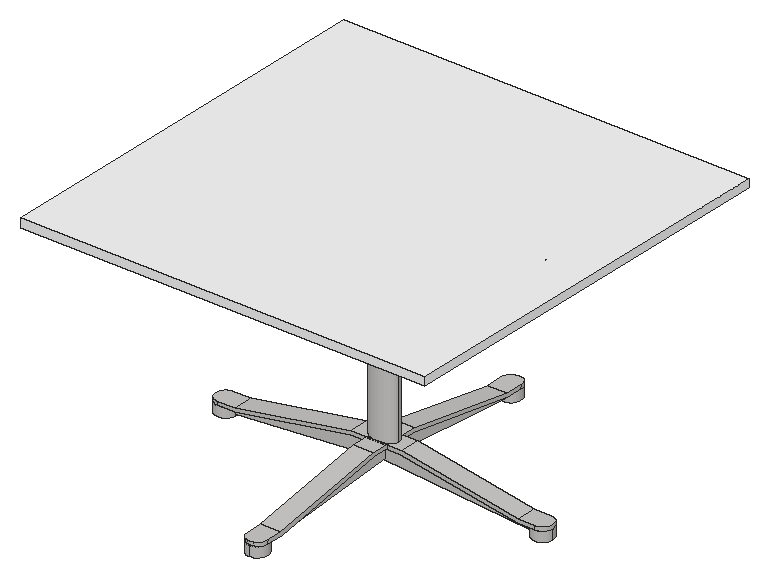
Revit family "Furniture_Table_Spacestor_Breve Breakout Table", category Furniture, Revit 2015
Parameters (values of type "standard height square - 1200w x 1200d x 732h")
  Width = 1200 mm
  WarrantyStartDate = ""
  WarrantyDescription = ""
  URL = "http://spacestor.uk.com/"
  Table Top Finish = Spacestor White Table Top
  Square = yes
  SerialNumber = ""
  ModelNumber = ""
  Model = ""
  Manufacturer = "Spacestor"
  Length = 3000 mm
  Legs Finish = Spacestor Polished Steel
  Leg Height = Height - 175 mm  # 557 mm
  Height = 732 mm
  Fabric Finish = none
  ExpectedLife = ""
  Description = ""
  Circular = no
  Category = ""
  BarCode = ""
  Author = "http://www.YourCad.co.uk"
  AssetType = ""
  AssetIdentifier = ""
  Assembly Code = "E2020200"
Types (14, lengths in mm): name | Width | Square | Leg Height | Height | Circular
  (no name) | 1200 | yes | 557 | 732 | no
  coffee height circular - 1000 DIA x 485h | 1000 | no | 310 | 485 | yes
  standard height circular - 1000 DIA x 732h | 1000 | no | 557 | 732 | yes
  standard height square - 1000w x 1000d x 732h | 1000 | yes | 557 | 732 | no
  coffee height circular - 1100 DIA x 485h | 1100 | no | 310 | 485 | yes
  coffee height circular - 900 DIA x 485h | 900 | no | 310 | 485 | yes
  coffee height square - 1000w x 1000d x 485h | 1000 | yes | 310 | 485 | no
  coffee height square - 1100w x 1100d x 485h | 1100 | yes | 310 | 485 | no
  coffee height square - 900w x 900d x 485h | 900 | yes | 310 | 485 | no
  standard height circular - 1100 DIA x 732h | 1100 | no | 557 | 732 | yes
  standard height circular - 1200 DIA x 732h | 1200 | no | 557 | 732 | yes
  standard height circular - 1400 DIA x 732h | 1400 | no | 557 | 732 | yes
  standard height square - 1100w x 1100d x 732h | 1100 | yes | 557 | 732 | no
  standard height square - 1200w x 1200d x 732h | 1200 | yes | 557 | 732 | no
Reference planes
  plane 1 "Center (Front/Back)": y = 0
  plane 2: z = 0
  plane 3 "Center (Left/Right)": x = 0
  plane 4: z = 557
Forms (mm)
  Extrusion 1, solid, material "Spacestor White Table Top" <- "Table Top Finish", visible <- "Circular"
    sketch origin (181.762, -50, 707) x (0, 1, 0) y (-1, 0, 0)
      loop
        circle (50, 181.762) r 600
    from 0 to 25
  Extrusion 2, solid, material "Spacestor White Table Top" <- "Table Top Finish", visible <- "Square"
    sketch origin (181.762, -50, 732) x (0, 1, 0) y (-1, 0, 0)
      loop
        line (650, 781.762) -> (-550, 781.762) -> (-550, -418.238) -> (650, -418.238) -> (650, 781.762)
    from 0 to -25
Dimensions and locks
  "Leg Height": plane 4 to plane 2
  locked: Extrusion 1 sketch curve to plane 3 "Center (Left/Right)"
  locked: plane 1 "Center (Front/Back)" to Extrusion 1 sketch curve
  equal spacing: Extrusion 2 sketch curve, plane 1 "Center (Front/Back)", Extrusion 2 sketch curve
  equal spacing: Extrusion 2 sketch curve, plane 3 "Center (Left/Right)", Extrusion 2 sketch curve
  "Width": Extrusion 2 sketch curve to Extrusion 2 sketch curve  (x2)
  "Width": diameter of Extrusion 1 sketch curve
  aligned and locked: level to plane 2
  aligned and locked: plane 3 "Center (Left/Right)" to nested 1
  aligned and locked: plane 1 "Center (Front/Back)" to nested 1
Nested families
  nested 1: "Furniture_Table_Spacestor_Breve Breakout Leg 1000" at (0, 0, 0), type "Furniture_Table_Spacestor_Breve Breakout Leg 1000"
    with Height 557 mm
Definition of nested family "Furniture_Table_Spacestor_Breve Breakout Leg 1000"
  Parameters (values of type "Furniture_Table_Spacestor_Breve Breakout Leg 1000")
    Width = 1200 mm
    WarrantyStartDate = ""
    WarrantyDescription = ""
    URL = "http://spacestor.uk.com/"
    Table Top Finish = none
    SerialNumber = ""
    ModelNumber = ""
    Model = ""
    Manufacturer = "Spacestor"
    Length = 3000 mm
    Legs Finish = none
    Height = 310 mm
    Fabric Finish = none
    ExpectedLife = ""
    Description = ""
    Category = ""
    BarCode = ""
    Author = "http://www.YourCad.co.uk"
    AssetType = ""
    AssetIdentifier = ""
    Assembly Code = "E2020200"
    600 Wide Leg = yes
    1000 Wide Leg = yes
  Reference planes
    plane 1 "Center (Front/Back)": y = 0
    plane 2: z = 0
    plane 3 "Center (Left/Right)": x = 0
    plane 4: z = 410
  Forms (mm)
    Extrusion 1, solid, material <- "Legs Finish", visible <- "1000 Wide Leg"
      sketch origin (-1200, 0, 0) x (1, 0, 0) y (0, 0, 1)
        loop
          line (700, 30) -> (780.863, 30) -> (1125.863, 90) -> (1274.137, 90) -> (1619.137, 30) -> (1700, 30) -> (1700, 40) -> (1620, 40) -> (1275, 100) -> (1125, 100) -> (780, 40) -> (700, 40) -> (700, 30)
      from -30 to 30
    Extrusion 2, solid, material <- "Legs Finish", visible <- "1000 Wide Leg"
      sketch origin (-500, 0, 30) x (0, -1, 0) y (-1, 0, 0)
        loop
          circle (0, -970) r 30
        loop
          circle (0, -30) r 30
      from 0 to 30
    Extrusion 3, void
      sketch origin (-500, 0, 40) x (0, 1, 0) y (1, 0, 0)
        loop
          line (-30, 30) -> (-30, -15) -> (30, -15) -> (30, 30)
          arc (30, 30) -> (0, 0) -> (-30, 30) r 30
        loop
          line (470, 470) -> (520, 470) -> (520, 530) -> (470, 530)
          arc (470, 530) -> (491.213, 521.213) -> (500, 500) r 30
          arc (500, 500) -> (491.213, 478.787) -> (470, 470) r 30
      from 0 to 40
    Extrusion 4, void
      sketch origin (500, 0, 30) x (1, 0, 0) y (0, 1, 0)
        loop
          line (-30, -30) -> (19.953, -30) -> (19.953, 30) -> (-30, 30)
          arc (-30, 30) -> (0, 0) -> (-30, -30) r 30
      from 0 to 10
    Extrusion 5, solid, material <- "Legs Finish"
      sketch origin (-75, 0, 100) x (1, 0, 0) y (0, 1, 0)
        loop
          spline (32.5, 0) -> (33.948, -7.118) -> (38.194, -13.75) -> (44.948, -19.445) -> (53.75, -23.816) -> (64, -26.563) -> (75, -27.5) -> (86, -26.563) -> (96.25, -23.816) -> (105.052, -19.445) -> (111.806, -13.75) -> (116.052, -7.118) -> (117.5, 0)
          spline (117.5, 0) -> (116.052, 7.118) -> (111.806, 13.75) -> (105.052, 19.445) -> (96.25, 23.816) -> (86, 26.563) -> (75, 27.5) -> (64, 26.563) -> (53.75, 23.816) -> (44.948, 19.445) -> (38.194, 13.75) -> (33.948, 7.118) -> (32.5, 0)
      from 0 to 310 <- "Height"
    Extrusion 6, solid, material <- "Legs Finish"
      sketch origin (0, 0, 0) x (1, 0, 0) y (0, 0, 1)
        loop
          arc (-440, 7.921) -> (0, 43.09) -> (440, 7.921) r 2770
          line (440, 7.921) -> (440, 30) -> (419.137, 30) -> (74.137, 90) -> (-74.137, 90) -> (-419.137, 30) -> (-440, 30) -> (-440, 7.921)
      from -5 to 5
    Extrusion 7, solid, material <- "Legs Finish", visible <- "1000 Wide Leg"
      sketch origin (0, -1200, 0) x (0, 1, 0) y (0, 0, 1)
        loop
          line (700, 30) -> (780.863, 30) -> (1125.863, 90) -> (1274.137, 90) -> (1619.137, 30) -> (1700, 30) -> (1700, 40) -> (1620, 40) -> (1275, 100) -> (1125, 100) -> (780, 40) -> (700, 40) -> (700, 30)
      from -30 to 30
    Extrusion 8, solid, material <- "Legs Finish", visible <- "1000 Wide Leg"
      sketch origin (0, -500, 30) x (1, 0, 0) y (0, -1, 0)
        loop
          circle (0, -970) r 30
        loop
          circle (0, -30) r 30
      from 0 to 30
    Extrusion 9, void
      sketch origin (0, -500, 40) x (-1, 0, 0) y (0, 1, 0)
        loop
          line (-30, 30) -> (-30, -15) -> (30, -15) -> (30, 30)
          arc (30, 30) -> (0, 0) -> (-30, 30) r 30
      from 0 to 40
    Extrusion 10, solid, material <- "Legs Finish"
      sketch origin (0, 0, 0) x (0, 1, 0) y (0, 0, 1)
        loop
          arc (-440, 7.921) -> (0, 43.09) -> (440, 7.921) r 2770
          line (440, 7.921) -> (440, 30) -> (419.137, 30) -> (74.137, 90) -> (-74.137, 90) -> (-419.137, 30) -> (-440, 30) -> (-440, 7.921)
      from -5 to 5
    Extrusion 11, void
      sketch origin (0, 500, 40) x (1, 0, 0) y (0, -1, 0)
        loop
          arc (0, 0) -> (-21.213, 8.787) -> (-30, 30) r 30
          line (-30, 30) -> (-30, -25) -> (30, -25) -> (30, 30)
          arc (30, 30) -> (21.213, 8.787) -> (0, 0) r 30
      from 0 to 10
  Cuts and joins
    Extrusion 3, Extrusion 9 cuts Extrusion 2
    Extrusion 3, Extrusion 4, Extrusion 9 cuts Extrusion 1
    Extrusion 9, Extrusion 11 cuts Extrusion 7
    Extrusion 9, Extrusion 11 cuts Extrusion 8
  Dimensions and locks
    Extrusion 4 to Extrusion 1 = 19.953 mm
    Extrusion 5 to level = 410 mm
    plane 4 to plane 2 = 410 mm
    locked: nested 1 to plane 4
    locked: plane 1 "Center (Front/Back)" to nested 1
    aligned and locked: level to plane 2
    aligned and locked: Extrusion 2 to level
    aligned and locked: Extrusion 4 to Extrusion 1
    aligned and locked: plane 4 to Extrusion 5
    aligned and locked: plane 3 "Center (Left/Right)" to nested 1
  Nested families
    nested 1: "Furniture_Table_Spacestor_Breve Bracket 1000" at (0, 0, 410), type "Furniture_Table_Spacestor_Breve Bracket 1000"
  Definition of nested family "Furniture_Table_Spacestor_Breve Bracket 1000"
    Parameters (values of type "Furniture_Table_Spacestor_Breve Bracket 1000")
      Width = 1200 mm
      WarrantyStartDate = ""
      WarrantyDescription = ""
      URL = "http://spacestor.uk.com/"
      Table Top Finish = none
      SerialNumber = ""
      ModelNumber = ""
      Model = ""
      Manufacturer = "Spacestor"
      Length = 3000 mm
      Legs Finish = none
      Height = 763 mm
      Fabric Finish = none
      ExpectedLife = ""
      Description = ""
      Category = ""
      BarCode = ""
      Author = "http://www.YourCad.co.uk"
      AssetType = ""
      AssetIdentifier = ""
      Assembly Code = "E2020200"
      600 Wide Leg = no
      1000 Wide Leg = yes
    Reference planes
      plane 1 "Center (Front/Back)": y = 0
      plane 2: z = 0
      plane 3 "Center (Left/Right)": x = 0
    Forms (mm)
      Extrusion 1, solid, material <- "Legs Finish"
        sketch origin (-157.748, 0, -279.907) x (1, 0, 0) y (0, 0, 1)
          loop
            line (554.246, 279.907) -> (604.246, 329.907) -> (364.51, 329.907) -> (364.51, 307.407)
            arc (364.51, 307.407) -> (352.01, 294.907) -> (339.51, 307.407) r 12.5
            line (339.51, 307.407) -> (339.51, 329.907) -> (-27.748, 329.907) -> (-27.748, 307.407)
            arc (-27.748, 307.407) -> (-40.248, 294.907) -> (-52.748, 307.407) r 12.5
            line (-52.748, 307.407) -> (-52.748, 329.907) -> (-288.75, 329.907) -> (-238.75, 279.907) -> (554.246, 279.907)
        from -50 to 50
    Dimensions and locks
      aligned and locked: level to plane 2
